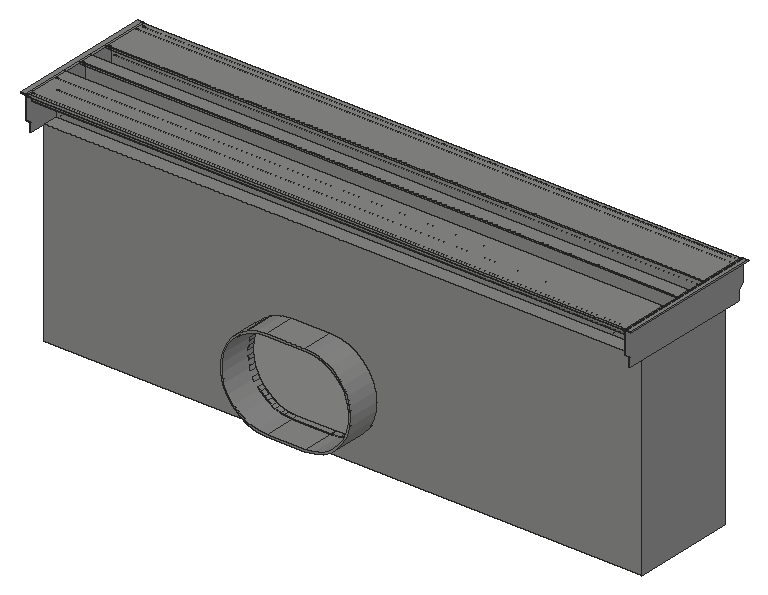
Revit family "Diffuser-Carnes-T_Bar_Mount-2-Slot-DTBA", category Duct Accessories, host Face, Revit 2014
Parameters (values of type "See Type Catalog")
  Supply Connector = yes
  Supply Connection = "Diffuser Supply Connector"  # constant formula
  Subcatagory = "Air Distribution"  # constant formula
  Specification Sheet = "http://www.carnes.com/AirDistribution/pdf/13100.pdf"
  Revit Object Download Link = "http://library.smartbim.com/download/Diffuser-Carnes-T_Bar_Mount-2-Slot-DTBA"
  Product Page URL = "http://www.carnes.com/AirDistribution/dtba.phtml"
  Length = 24"
  Inlet Nominal Size Width = 5"
  Inlet Nominal Size Height D = if(Inlet Nominal Size Width > 6", 5 1/4", 3 1/2")  # 3 1/2"
  Height = 9 1/16"  # constant formula
  Flow = 0 CFM
  Description = "Extruded Aluminum 2 Slot Diffuser T-Bar Mount"  # constant formula
  Profile Depth = 5.75918"
  URL = "http://www.carnes.com/"
  Model = "DTBA"  # constant formula
  Unit = Metal - Carnes - Steel Galvanized
  Manufacturer = "CARNES COMPANY"  # constant formula
  Depth = 2 3/4"
  Default Elevation = 0"
  D Depth = 4 1/16"
  Catalog = "http://www.carnes.com/AirDistribution/pdf/a462-465.pdf"
  Box Length = Length - 1/2"  # 23 1/2"
  B Radius = Inlet Width + 3"  # 9 1/2"
  Inlet Width = 6 1/2"
  Assembly Code = ""
  Inlet Offset = 10 1/2"
  95 CSI = ""
  04 CSI = ""
Reference planes (in)
  plane 1 "Center (Front/Back)": y = 0
  plane 2: z = 0
  plane 3 "Center (Left/Right)": x = 0.94
  plane 4: z = -1.25
  plane 5: y = 2.87959
  plane 6: y = -2.87959
  plane 7: z = 1.44451
  plane 8: x = -11.06
  plane 9: x = 12.94
  plane 10: z = -8.05549
  plane 11: z = -9.0625
Forms (in)
  Extrusion 1, void
    sketch origin (0.94, 0, 0) x (0, 1, 0) y (0, 0, 1)
      loop
        line (-2.87959, 1.44451) -> (-2.87959, -8.05549) -> (1.18291, -8.05549) -> (1.18291, 1.44451) -> (-2.87959, 1.44451)
    from -12 to 12
Dimensions and locks (in)
  locked: plane 2 to plane 4 at 1.25
  equal spacing: plane 6, plane 1 "Center (Front/Back)", plane 5
  "Profile Depth": plane 6 to plane 5
  locked: plane 7 to host face at 1.44451
  equal spacing: plane 8, plane 3 "Center (Left/Right)", plane 9
  "Length": plane 8 to plane 9
  "D Depth": Extrusion 1 sketch curve to Extrusion 1 sketch curve
  plane 2 to plane 10 = 8.05549"
  "Height": plane 2 to plane 11
  aligned and locked: plane 2 to host face
  aligned and locked: level to host face
  aligned and locked: Extrusion 1 to plane 7
  aligned and locked: Extrusion 1 to plane 10
  aligned and locked: plane 9 to Extrusion 1
  aligned and locked: plane 8 to Extrusion 1
  aligned and locked: plane 6 to Extrusion 1
  aligned and locked: nested 1 to plane 3 "Center (Left/Right)"
  aligned and locked: plane 1 "Center (Front/Back)" to nested 1
Automatic sketch dimensions
  host sketch curve to host sketch curve = 33"
  host sketch curve to host sketch curve = 14"
  Extrusion 1 sketch curve to plane 6 = 0"
  Extrusion 1 sketch curve to plane 10 = 0"
  plane 7 to Extrusion 1 sketch curve = 0"
Nested families (in)
  nested 1: "602-1011" at (1.84432, 0, 0.04219) x (-1, 0, 0) z (0, 0, -1), type "Slot 2"
  nested 2: "CXPC" at (1.88, 0.00043, 0.05188) x (-1, 0, 0) z (0, 0, -1), type "Parametric"
Connectors (in)
  hvac at (-0.31, -3.28082, -6.58911), driven by "Inlet Nominal Size Height D", driven by "Inlet Nominal Size Width", driven by "Supply Connector", driven by "Supply Connection"
    settings: on nested 2, index 1, duct flow 0 CFM, flow factor 0, pres drop 0.00 in-wg, loss coef 0, conn angle 0.00°, conn width 5", conn height 3 1/2", conn diameter 24", duct sys type 1, conn prof type 2, flow config 1, flow direction 1, loss method 0, conn ref index -1, conn util yes, is conn primary yes, conn desc "Diffuser Supply Connector"
Definition of nested family "602-1011"
  Parameters (values of type "Slot 2")
    Supply Connector = yes
    Supply Connection = ""
    Subcatagory = ""
    Specification Sheet = ""
    Product Page URL = ""
    Length = 24"
    URL = ""
    Model = "602-1091"  # constant formula
    Unit = Metal - Carnes - Steel Galvanized
    Manufacturer = ""
    Height = 1.44451"
    Flow = 0 CFM
    Description = ""
    Depth = 5.75918"
    Default Elevation = 0"
    Catalog = ""
    Assembly Code = ""
    95 CSI = ""
    04 CSI = ""
  Reference planes (in)
    plane 1 "Center (Front/Back)": y = 0
    plane 2: z = 0
    plane 3 "Center (Left/Right)": x = 0.90432
    plane 4: y = 2.87959
    plane 5: y = -2.87959
    plane 6: x = 12.90432
    plane 7: x = -11.09568
    plane 8: z = 1.44451
  Forms (in)
    Extrusion 1, solid
      sketch origin (0, 0, 0) x (1, 0, 0) y (0, 1, 0)
        loop
          line (-11.09568, 2.87959) -> (-11.09568, -2.87959) -> (12.90432, -2.87959) -> (12.90432, 2.87959) -> (-11.09568, 2.87959)
      from 0 to -1
  Dimensions and locks (in)
    equal spacing: plane 5, plane 1 "Center (Front/Back)", plane 4
    "Depth": plane 5 to plane 4
    equal spacing: plane 6, plane 3 "Center (Left/Right)", plane 7
    "Length": plane 6 to plane 7
    "Height": plane 8 to Extrusion 1
    aligned and locked: plane 2 to Extrusion 1
    aligned and locked: level to Extrusion 1
    aligned and locked: Extrusion 1 sketch curve to plane 5
  Automatic sketch dimensions
    Extrusion 1 sketch curve to Extrusion 1 sketch curve = 24"
    Extrusion 1 sketch curve to Extrusion 1 sketch curve = 5.75918"
  Nested families (in)
    nested 1: "602-10111" at (-0.03568, 0, -0.00488), type "Slot 1"
  Definition of nested family "602-10111"
    Parameters (values of type "Slot 1")
      Length = 24"
      URL = ""
      Model = "DARD"  # constant formula
      Unit = Metal - Carnes - Steel Galvanized
      Manufacturer = ""
      Height = 1.44451"
      Depth = 5.75918"
      Default Elevation = 0"
      Assembly Code = ""
      95 CSI = ""
      04 CSI = ""
    Reference planes (in)
      plane 1 "Center (Front/Back)": y = 0
      plane 2: z = 0
      plane 3 "Center (Left/Right)": x = 0.94
      plane 4: z = -18
      plane 5: z = 1.44451
      plane 6: x = -11.06
      plane 7: x = 12.94
      plane 8: y = 0
      plane 9: y = -2.87959
      plane 10: y = 2.87959
      plane 11: x = -10.81
      plane 12: x = 12.69
    Forms (in)
      Extrusion 1, solid
        sketch origin (0, -5, 0) x (1, 0, 0) y (0, 1, 0)
          loop
            line (-11.06, 7.87959) -> (-11.06, 2.12041) -> (12.94, 2.12041) -> (12.94, 7.87959) -> (-11.06, 7.87959)
        from 0 to -1
      Sweep 2, solid, material "Metal - Carnes - Steel Galvanized" <- "Unit"
        path origin (0, 0, 0) x (1, 0, 0) y (0, 0, -1)
          loop
            line (-10.81, -1.44451) -> (12.69, -1.44451)
        profile origin (0.94, 0, 1.44451) x (0, 0, -1) y (0, 1, 0)
          loop
            arc (1.35514, 2.84375) -> (1.33016, 2.81877) -> (1.35514, 2.79379) r 0.02498
            arc (1.35514, 2.79379) -> (1.37442, 2.78757) -> (1.38272, 2.76909) r 0.02492
            line (1.38272, 2.76909) -> (1.38308, 2.6587)
            arc (1.38308, 2.6587) -> (1.34926, 2.61295) -> (1.29572, 2.63221) r 0.04765
            arc (1.29572, 2.63221) -> (1.20991, 2.68522) -> (1.11386, 2.65444) r 0.12052
            arc (1.11386, 2.65444) -> (1.11176, 2.61347) -> (1.15269, 2.61071) r 0.02924
            arc (1.15269, 2.61071) -> (1.25478, 2.56432) -> (1.15338, 2.51642) r 0.0618
            arc (1.15338, 2.51642) -> (1.1144, 2.5135) -> (1.11617, 2.47444) r 0.02806
            arc (1.11617, 2.47444) -> (1.21184, 2.44322) -> (1.29693, 2.49697) r 0.11828
            arc (1.29693, 2.49697) -> (1.34972, 2.51686) -> (1.38368, 2.47181) r 0.04707
            line (1.38368, 2.47181) -> (1.38698, 1.4467)
            arc (1.38698, 1.4467) -> (1.38108, 1.43236) -> (1.36676, 1.42642) r 0.02022
            line (1.36676, 1.42642) -> (1.32521, 1.42642) -> (1.32521, 1.37588) -> (1.38743, 1.37588) -> (1.38743, 1.30748) -> (0.84122, 1.30748) -> (0.84122, 1.37297) -> (0.90321, 1.37297) -> (0.90321, 1.4045)
            arc (0.90321, 1.4045) -> (0.89724, 1.41889) -> (0.88285, 1.42486) r 0.02036
            line (0.88285, 1.42486) -> (0.81156, 1.42486)
            arc (0.81156, 1.42486) -> (0.79727, 1.41894) -> (0.79135, 1.40465) r 0.02021
            line (0.79135, 1.40465) -> (0.79135, 1.32589)
            arc (0.79135, 1.32589) -> (0.7854, 1.31149) -> (0.77102, 1.3055) r 0.02039
            line (0.77102, 1.3055) -> (0.02318, 1.3055)
            arc (0.02318, 1.3055) -> (0.00679, 1.29871) -> (0, 1.28232) r 0.02318
            line (0, 1.28232) -> (0, 1.14885)
            arc (0, 1.14885) -> (0.00581, 1.13484) -> (0.01984, 1.12908) r 0.01977
            line (0.01984, 1.12908) -> (0.11876, 1.12939)
            arc (0.11876, 1.12939) -> (0.13517, 1.13625) -> (0.14192, 1.15271) r 0.02324
            line (0.14192, 1.15271) -> (0.14175, 1.20547) -> (0.07975, 1.20547) -> (0.07958, 1.25739) -> (1.35759, 1.25739) -> (1.35774, 1.20939) -> (1.29574, 1.20919) -> (1.29592, 1.15437)
            arc (1.29592, 1.15437) -> (1.30215, 1.13943) -> (1.3171, 1.13325) r 0.02118
            line (1.3171, 1.13325) -> (1.36805, 1.13325)
            arc (1.36805, 1.13325) -> (1.38219, 1.12739) -> (1.38805, 1.11324) r 0.02001
            line (1.38805, 1.11324) -> (1.38805, 1.00164) -> (1.4375, 1.00164) -> (1.4375, 2.84383) -> (1.35514, 2.84375)
          loop
            line (1.35514, -2.84375) -> (1.4375, -2.84383) -> (1.4375, -1.00164) -> (1.38805, -1.00164) -> (1.38805, -1.11324)
            arc (1.38805, -1.11324) -> (1.38219, -1.12739) -> (1.36805, -1.13325) r 0.02001
            line (1.36805, -1.13325) -> (1.3171, -1.13325)
            arc (1.3171, -1.13325) -> (1.30215, -1.13943) -> (1.29592, -1.15437) r 0.02118
            line (1.29592, -1.15437) -> (1.29574, -1.20919) -> (1.35774, -1.20939) -> (1.35759, -1.25739) -> (0.07958, -1.25739) -> (0.07975, -1.20547) -> (0.14175, -1.20547) -> (0.14192, -1.15271)
            arc (0.14192, -1.15271) -> (0.13517, -1.13625) -> (0.11876, -1.12939) r 0.02324
            line (0.11876, -1.12939) -> (0.01984, -1.12908)
            arc (0.01984, -1.12908) -> (0.00581, -1.13484) -> (0, -1.14885) r 0.01977
            line (0, -1.14885) -> (0, -1.28232)
            arc (0, -1.28232) -> (0.00679, -1.29871) -> (0.02318, -1.3055) r 0.02318
            line (0.02318, -1.3055) -> (0.77102, -1.3055)
            arc (0.77102, -1.3055) -> (0.7854, -1.31149) -> (0.79135, -1.32589) r 0.02039
            line (0.79135, -1.32589) -> (0.79135, -1.40465)
            arc (0.79135, -1.40465) -> (0.79727, -1.41894) -> (0.81156, -1.42486) r 0.02021
            line (0.81156, -1.42486) -> (0.88285, -1.42486)
            arc (0.88285, -1.42486) -> (0.89724, -1.41889) -> (0.90321, -1.4045) r 0.02036
            line (0.90321, -1.4045) -> (0.90321, -1.37297) -> (0.84122, -1.37297) -> (0.84122, -1.30748) -> (1.38743, -1.30748) -> (1.38743, -1.37588) -> (1.32521, -1.37588) -> (1.32521, -1.42642) -> (1.36676, -1.42642)
            arc (1.36676, -1.42642) -> (1.38108, -1.43236) -> (1.38698, -1.4467) r 0.02022
            line (1.38698, -1.4467) -> (1.38368, -2.47181)
            arc (1.38368, -2.47181) -> (1.34972, -2.51686) -> (1.29693, -2.49697) r 0.04707
            arc (1.29693, -2.49697) -> (1.21184, -2.44322) -> (1.11617, -2.47444) r 0.11828
            arc (1.11617, -2.47444) -> (1.1144, -2.5135) -> (1.15338, -2.51642) r 0.02806
            arc (1.15338, -2.51642) -> (1.25478, -2.56432) -> (1.15269, -2.61071) r 0.0618
            arc (1.15269, -2.61071) -> (1.11176, -2.61347) -> (1.11386, -2.65444) r 0.02924
            arc (1.11386, -2.65444) -> (1.20991, -2.68522) -> (1.29572, -2.63221) r 0.12052
            arc (1.29572, -2.63221) -> (1.34926, -2.61295) -> (1.38308, -2.6587) r 0.04765
            line (1.38308, -2.6587) -> (1.38272, -2.76909)
            arc (1.38272, -2.76909) -> (1.37442, -2.78757) -> (1.35514, -2.79379) r 0.02492
            arc (1.35514, -2.79379) -> (1.33016, -2.81877) -> (1.35514, -2.84375) r 0.02498
          loop
            line (1.29574, 0.06109) -> (1.35774, 0.06089) -> (1.35759, 0.01289) -> (0.07958, 0.01289) -> (0.07975, 0.0648) -> (0.14175, 0.0648) -> (0.14192, 0.11757)
            arc (0.14192, 0.11757) -> (0.13517, 0.13402) -> (0.11876, 0.14088) r 0.02324
            line (0.11876, 0.14088) -> (0.01984, 0.1412)
            arc (0.01984, 0.1412) -> (0.00581, 0.13543) -> (0, 0.12142) r 0.01977
            line (0, 0.12142) -> (0, -0.13705)
            arc (0, -0.13705) -> (0.00581, -0.15105) -> (0.01984, -0.15682) r 0.01977
            line (0.01984, -0.15682) -> (0.11876, -0.1565)
            arc (0.11876, -0.1565) -> (0.13517, -0.14964) -> (0.14192, -0.13319) r 0.02324
            line (0.14192, -0.13319) -> (0.14175, -0.08043) -> (0.07975, -0.08043) -> (0.07958, -0.02851) -> (1.35759, -0.02851) -> (1.35774, -0.07651) -> (1.29574, -0.07671) -> (1.29592, -0.13153)
            arc (1.29592, -0.13153) -> (1.30215, -0.14647) -> (1.3171, -0.15265) r 0.02118
            line (1.3171, -0.15265) -> (1.36805, -0.15265)
            arc (1.36805, -0.15265) -> (1.38219, -0.15851) -> (1.38805, -0.17265) r 0.02001
            line (1.38805, -0.17265) -> (1.38805, -0.28426) -> (1.4375, -0.28426) -> (1.4375, 0.26863) -> (1.38805, 0.26863) -> (1.38805, 0.15703)
            arc (1.38805, 0.15703) -> (1.38219, 0.14288) -> (1.36805, 0.13702) r 0.02001
            line (1.36805, 0.13702) -> (1.3171, 0.13702)
            arc (1.3171, 0.13702) -> (1.30215, 0.13084) -> (1.29592, 0.11591) r 0.02118
            line (1.29592, 0.11591) -> (1.29574, 0.06109)
      Sweep 3, solid, material "Metal - Carnes - Steel Galvanized" <- "Unit"
        path origin (0.94, 0, 0) x (0, 1, 0) y (0, 0, 1)
          loop
            line (2.87959, 1.44451) -> (-2.87959, 1.44451)
        profile origin (0.94, 0, 1.44451) x (0, 0, -1) y (1, 0, 0)
          loop
            line (1.39281, -11.75) -> (0, -11.75) -> (0, -11.7859) -> (1.36636, -11.7859)
            arc (1.36636, -11.7859) -> (1.38834, -11.79501) -> (1.39745, -11.81699) r 0.03109
            line (1.39745, -11.81699) -> (1.39745, -12) -> (1.4375, -12) -> (1.4375, -11.79469)
            arc (1.4375, -11.79469) -> (1.42441, -11.76309) -> (1.39281, -11.75) r 0.04469
          loop
            arc (1.39281, 11.75) -> (1.42441, 11.76309) -> (1.4375, 11.79469) r 0.04469
            line (1.4375, 11.79469) -> (1.4375, 12) -> (1.39745, 12) -> (1.39745, 11.81699)
            arc (1.39745, 11.81699) -> (1.38834, 11.79501) -> (1.36636, 11.7859) r 0.03109
            line (1.36636, 11.7859) -> (0, 11.7859) -> (0, 11.75) -> (1.39281, 11.75)
      Extrusion 4, void
        sketch origin (0.94, 0, 0) x (0, 1, 0) y (0, 0, 1)
          loop
            line (2.67418, 1.39714) -> (2.67502, 1.13557)
            arc (2.67502, 1.13557) -> (2.68068, 1.10757) -> (2.69663, 1.08387) r 0.07321
            line (2.69663, 1.08387) -> (2.87959, 0.90209) -> (2.87959, 1.44451) -> (2.62666, 1.44451)
            arc (2.62666, 1.44451) -> (2.66021, 1.43064) -> (2.67418, 1.39714) r 0.04752
          loop
            arc (-2.67418, 1.39714) -> (-2.66021, 1.43064) -> (-2.62666, 1.44451) r 0.04752
            line (-2.62666, 1.44451) -> (-2.87959, 1.44451) -> (-2.87959, 0.90209) -> (-2.69663, 1.08387)
            arc (-2.69663, 1.08387) -> (-2.68068, 1.10757) -> (-2.67502, 1.13557) r 0.07321
            line (-2.67502, 1.13557) -> (-2.67418, 1.39714)
        from -12 to 12
    Cuts and joins
      Extrusion 4 cuts Sweep 3
    Lines and regions (in)
      Masking region 1
        outline origin (0, 0, 0) x (1, 0, 0) y (0, 1, 0)
          loop
            line (-11.06, -2.87959) -> (12.94, -2.87959) -> (12.94, 2.87959) -> (-11.06, 2.87959) -> (-11.06, -2.87959)
      symbolic lines, style "Diffuser"
        curve 1: line (-10.81, 1.00164, 0) -> (12.69, 1.00164, 0)
        curve 2: line (12.69, 0.27426, 0) -> (-10.81, 0.27426, 0)
        curve 3: line (-10.81, -0.28774, 0) -> (12.69, -0.28774, 0)
        curve 4: line (12.69, -1.00343, 0) -> (-10.81, -1.00343, 0)
        curve 5: line (-10.81, -2.87959, 0) -> (-10.81, 2.87959, 0)
        curve 6: line (12.69, -2.87959, 0) -> (12.69, 2.87959, 0)
    Dimensions and locks (in)
      locked: plane 2 to plane 4 at 18
      locked: plane 7 to plane 12 at 0.25
      locked: plane 6 to plane 11 at 0.25
      "Height": plane 5 to Extrusion 1
      "Length": plane 6 to plane 7
      equal spacing: plane 9, plane 8, plane 10
      "Depth": plane 9 to plane 10
      equal spacing: plane 6, plane 3 "Center (Left/Right)", plane 7
      aligned and locked: plane 2 to Extrusion 1
      aligned and locked: level to Extrusion 1
      aligned and locked: plane 11 to Sweep 2 sketch curve
      aligned and locked: plane 12 to Sweep 2 sketch curve
      aligned and locked: Sweep 3 sketch curve to plane 11
      aligned and locked: plane 7 to Extrusion 4
      aligned and locked: plane 6 to Extrusion 4
      aligned and locked: plane 12 to Sweep 3 sketch curve
    Automatic sketch dimensions
      Extrusion 1 sketch curve to Extrusion 1 sketch curve = 24"
      Extrusion 1 sketch curve to Extrusion 1 sketch curve = 5.75918"
      Sweep 2 sketch curve to plane 5 = 0"
      Sweep 3 sketch curve to plane 5 = 0"
      Sweep 3 sketch curve to plane 9 = 0"
      Sweep 3 sketch curve to plane 10 = 0"
      Sweep 3 sketch curve to profile plane = 0"  (x2)
      Sweep 3 sketch curve to profile plane = 1.36636"
      Sweep 3 sketch curve to Sweep 3 sketch curve = 1.36636"
      Sweep 3 sketch curve to Sweep 3 sketch curve = 0.02645"  (x2)
      Sweep 3 sketch curve to Sweep 3 sketch curve = 0.03109"  (x2)
      Sweep 3 sketch curve to Sweep 3 sketch curve = 0.04005"  (x2)
      Sweep 3 sketch curve to Sweep 3 sketch curve = 0.0223"
      Sweep 3 sketch curve to Sweep 3 sketch curve = 0.18301"  (x2)
      Sweep 3 sketch curve to Sweep 3 sketch curve = 0.0359"
      Extrusion 4 sketch curve to plane 5 = 0"  (x2)
      Extrusion 4 sketch curve to plane 9 = 0"
      Extrusion 4 sketch curve to plane 10 = 0"
      plane 9 to Extrusion 4 sketch curve = 0.13136"
      Extrusion 4 sketch curve to Extrusion 4 sketch curve = 0.0516"
      Extrusion 4 sketch curve to Extrusion 4 sketch curve = 0.02161"  (x2)
      Extrusion 4 sketch curve to plane 5 = 0.04737"  (x2)
      plane 9 to Extrusion 4 sketch curve = 0.20541"
      Extrusion 4 sketch curve to Extrusion 4 sketch curve = 0.04752"
      Extrusion 4 sketch curve to plane 5 = 0.04752"
      plane 10 to Extrusion 4 sketch curve = 0.25293"
      plane 10 to Extrusion 4 sketch curve = 0.20457"
      Extrusion 4 sketch curve to Extrusion 4 sketch curve = 0.07321"
      Extrusion 4 sketch curve to Extrusion 4 sketch curve = 0.26133"  (x2)
      Extrusion 4 sketch curve to Extrusion 4 sketch curve = 0.00024"  (x2)
      Extrusion 4 sketch curve to Extrusion 4 sketch curve = 0.18178"  (x2)
      Sweep 2 sketch curve to profile plane = 0"  (x3)
      Sweep 2 sketch curve to profile plane = 0.01977"  (x4)
      Sweep 2 sketch curve to Sweep 2 sketch curve = 0.00006"  (x4)
      Sweep 2 sketch curve to profile plane = 0.02318"  (x2)
      Sweep 2 sketch curve to profile plane = 0.02851"
      Sweep 2 sketch curve to profile plane = 0.07958"
      Sweep 2 sketch curve to Sweep 2 sketch curve = 0.05641"  (x2)
      profile plane to Sweep 2 sketch curve = 0.01289"
      Sweep 2 sketch curve to Sweep 2 sketch curve = 0"  (x10)
      Sweep 2 sketch curve to Sweep 2 sketch curve = 0.00017"  (x4)
      Sweep 2 sketch curve to Sweep 2 sketch curve = 0.03893"  (x4)
      Sweep 2 sketch curve to Sweep 2 sketch curve = 0.00007"  (x10)
      Sweep 2 sketch curve to Sweep 2 sketch curve = 0.02307"  (x4)
      Sweep 2 sketch curve to Sweep 2 sketch curve = 0.02324"  (x6)
      Sweep 2 sketch curve to Sweep 2 sketch curve = 0.62921"  (x2)
      Sweep 2 sketch curve to Sweep 2 sketch curve = 0.02039"  (x2)
      Sweep 2 sketch curve to Sweep 2 sketch curve = 0.02021"  (x2)
      Sweep 2 sketch curve to Sweep 2 sketch curve = 0.02966"  (x2)
      Sweep 2 sketch curve to Sweep 2 sketch curve = 0.04163"  (x2)
      Sweep 2 sketch curve to Sweep 2 sketch curve = 0.02036"  (x2)
      Sweep 2 sketch curve to profile plane = 1.13362"  (x2)
      Sweep 2 sketch curve to Sweep 2 sketch curve = 0.00178"  (x2)
      Sweep 2 sketch curve to Sweep 2 sketch curve = 0.05759"  (x2)
      Sweep 2 sketch curve to Sweep 2 sketch curve = 0.00231"  (x2)
      Sweep 2 sketch curve to Sweep 2 sketch curve = 0.00423"  (x2)
      Sweep 2 sketch curve to Sweep 2 sketch curve = 0.39254"  (x2)
      profile plane to Sweep 2 sketch curve = 0.06109"
      Sweep 2 sketch curve to profile plane = 0.07671"
      Sweep 2 sketch curve to Sweep 2 sketch curve = 0.00018"  (x4)
      Sweep 2 sketch curve to profile plane = 0.13153"
      profile plane to Sweep 2 sketch curve = 0.11591"
      Sweep 2 sketch curve to Sweep 2 sketch curve = 0.02118"  (x4)
      Sweep 2 sketch curve to Sweep 2 sketch curve = 0.02946"  (x2)
      Sweep 2 sketch curve to Sweep 2 sketch curve = 0.14014"  (x2)
      Sweep 2 sketch curve to Sweep 2 sketch curve = 0.1394"  (x2)
      Sweep 2 sketch curve to Sweep 2 sketch curve = 0.01971"  (x2)
      Sweep 2 sketch curve to Sweep 2 sketch curve = 0.06185"  (x3)
      profile plane to Sweep 2 sketch curve = 1.20939"
      Sweep 2 sketch curve to Sweep 2 sketch curve = 0.00015"  (x6)
      Sweep 2 sketch curve to profile plane = 1.20939"
      Sweep 2 sketch curve to Sweep 2 sketch curve = 0.00266"  (x2)
      Sweep 2 sketch curve to Sweep 2 sketch curve = 0.04155"  (x2)
      Sweep 2 sketch curve to Sweep 2 sketch curve = 0.05094"  (x3)
      Sweep 2 sketch curve to Sweep 2 sketch curve = 0.02492"  (x2)
      Sweep 2 sketch curve to Sweep 2 sketch curve = 0.04765"  (x2)
      Sweep 2 sketch curve to Sweep 2 sketch curve = 0.04707"  (x2)
      Sweep 2 sketch curve to Sweep 2 sketch curve = 0.02022"  (x4)
      Sweep 2 sketch curve to Sweep 2 sketch curve = 0.02984"
      Sweep 2 sketch curve to Sweep 2 sketch curve = 0.02067"
      Sweep 2 sketch curve to Sweep 2 sketch curve = 0.02001"  (x4)
      Sweep 2 sketch curve to Sweep 2 sketch curve = 0.08236"  (x2)
      Sweep 2 sketch curve to Sweep 2 sketch curve = 0.048"
      Sweep 2 sketch curve to Sweep 2 sketch curve = 0.02493"  (x2)
      Sweep 2 sketch curve to Sweep 2 sketch curve = 0.0501"  (x2)
      Sweep 2 sketch curve to Sweep 2 sketch curve = 0.06549"  (x2)
      Sweep 2 sketch curve to Sweep 2 sketch curve = 0.06839"  (x2)
      Sweep 2 sketch curve to Sweep 2 sketch curve = 0.03153"  (x2)
      Sweep 2 sketch curve to Sweep 2 sketch curve = 0.05054"  (x2)
      Sweep 2 sketch curve to Sweep 2 sketch curve = 1.02502"  (x2)
      Sweep 2 sketch curve to Sweep 2 sketch curve = 0.02322"  (x2)
      Sweep 2 sketch curve to Sweep 2 sketch curve = 0.06571"  (x2)
      Sweep 2 sketch curve to Sweep 2 sketch curve = 0.00327"  (x2)
      Sweep 2 sketch curve to Sweep 2 sketch curve = 0.00173"  (x2)
      Sweep 2 sketch curve to Sweep 2 sketch curve = 0.06902"  (x2)
      Sweep 2 sketch curve to Sweep 2 sketch curve = 0.16158"  (x2)
      Sweep 2 sketch curve to Sweep 2 sketch curve = 0.11046"  (x2)
      Sweep 2 sketch curve to Sweep 2 sketch curve = 0.00008"  (x4)
      Sweep 2 sketch curve to Sweep 2 sketch curve = 0.02498"  (x2)
      Sweep 2 sketch curve to Sweep 2 sketch curve = 0.05192"  (x3)
      Sweep 2 sketch curve to Sweep 2 sketch curve = 0.05276"  (x2)
      Sweep 2 sketch curve to Sweep 2 sketch curve = 0.05662"  (x2)
      Sweep 2 sketch curve to Sweep 2 sketch curve = 0.1116"  (x2)
      Sweep 2 sketch curve to Sweep 2 sketch curve = 0.15272"
      Sweep 2 sketch curve to Sweep 2 sketch curve = 0.09614"  (x2)
      Sweep 2 sketch curve to Sweep 2 sketch curve = 0.12831"
      Sweep 2 sketch curve to Sweep 2 sketch curve = 0.00032"  (x2)
      profile plane to Sweep 2 sketch curve = 0.0648"
      Sweep 2 sketch curve to Sweep 2 sketch curve = 0.20774"
      Sweep 2 sketch curve to Sweep 2 sketch curve = 0.98788"
      Sweep 2 sketch curve to Sweep 2 sketch curve = 0.02111"
      Sweep 2 sketch curve to Sweep 2 sketch curve = 0.01976"  (x2)
      Sweep 2 sketch curve to Sweep 2 sketch curve = 0.01923"  (x2)
      Sweep 2 sketch curve to Sweep 2 sketch curve = 0.04945"  (x2)
      Masking region 1 sketch curve to plane 6 = 0"
      Masking region 1 sketch curve to plane 7 = 0"
      Masking region 1 sketch curve to plane 9 = 0"
      plane 10 to Masking region 1 sketch curve = 0"
      curve 4 to plane 11 = 0"
      curve 4 to plane 12 = 0"
      curve 5 to plane 9 = 0"
      curve 6 to plane 9 = 0"
      plane 10 to curve 6 = 0"
      plane 10 to curve 5 = 0"
      plane 1 "Center (Front/Back)" to curve 4 = 1.00343"
      plane 1 "Center (Front/Back)" to curve 3 = 0.28774"
      curve 2 to plane 1 "Center (Front/Back)" = 0.27426"
      curve 2 to curve 1 = 0.72738"
Definition of nested family "CXPC"
  Parameters (values of type "Parametric")
    Slot Width = 2 55/64"
    Inlet Nominal Size Width = 5"
    Inlet Nominal Size Height D = if(Inlet Nominal Size Width > 6", 5 1/4", 3 1/2")  # 3 1/2"
    Half Inlet Width = Inlet Nominal Size Width / 2  # 2 1/2"
    Length = 23 1/2"
    Depth = 4 1/16"
    Height = 9 1/16"  # constant formula
    URL = "http://www.carnes.com/"
    Model = "DGAA"  # constant formula
    Unit = Metal - Carnes - Steel Galvanized
    Manufacturer = ""
    Default Elevation = 0"
    B Radius = B + 3"  # 9 1/2"
    B = 6 1/2"
    Assembly Code = ""
    A = 10 1/2"
    95 CSI = ""
    04 CSI = ""
  Reference planes (in)
    plane 1 "Center (Front/Back)": y = 0
    plane 2: z = 0
    plane 3 "Center (Left/Right)": x = 0.94
    plane 4: x = -10.81
    plane 5: x = 12.69
    plane 6: z = 9.0625
    plane 7: z = 8.5625
    plane 8: z = 6.5
    plane 9: x = -10.7475
    plane 10: x = 12.6275
    plane 11: z = -18
    plane 12: y = 2.03125
    plane 13: y = 1.78125
    plane 14: y = -2.03125
    plane 15: y = -1.78125
    plane 16: y = -3.28125
    plane 17: x = 2.19
    plane 18: z = 0.84375
    plane 19: y = -1.42969
    plane 20: y = 1.42969
    plane 21: z = 8.39099
    plane 22: z = 4.89099
  Forms (in)
    Extrusion 1, solid
      sketch origin (0, 0, 0) x (1, 0, 0) y (0, 1, 0)
        loop
          line (-14.89333, 6) -> (-14.89333, -6) -> (19.27333, -6) -> (19.27333, 6) -> (-14.89333, 6)
      from 0 to -1
    Extrusion 2, solid, material "Metal - Carnes - Steel Galvanized" <- "Unit"
      sketch origin (0, 0, 0) x (1, 0, 0) y (0, 0, 1)
        loop
          line (-10.81, 9.0625) -> (-10.81, 8.5625) -> (12.69, 8.5625) -> (12.69, 9.0625) -> (-10.81, 9.0625)
      from -1.78125 to 1.78125
    Extrusion 3, solid, material "Metal - Carnes - Steel Galvanized" <- "Unit"
      sketch origin (0, 0, 0) x (1, 0, 0) y (0, 1, 0)
        loop
          line (-10.81, 2.03125) -> (-10.81, 1.78125) -> (12.69, 1.78125) -> (12.69, 2.03125) -> (-10.81, 2.03125)
        loop
          line (-10.81, -1.78125) -> (-10.81, -2.03125) -> (12.69, -2.03125) -> (12.69, -1.78125) -> (-10.81, -1.78125)
      from 1.4375 to 9.0625
    Sweep 4, solid, material "Metal - Carnes - Steel Galvanized" <- "Unit"
      path in 3D
        loop
          line (-10.81, -1.78125, 1.4375) -> (12.69, -1.78125, 1.4375)
      profile origin (0.94, -1.78125, 1.4375) x (0, -1, 0) y (0, 0, -1)
        loop
          line (-3.21094, 0) -> (-3.21094, 0.89784)
          arc (-3.21094, 0.89784) -> (-3.18023, 0.92855) -> (-3.14952, 0.89784) r 0.03071
          line (-3.14952, 0.89784) -> (-3.14952, 0.83461) -> (-3.11827, 0.83461) -> (-3.11827, 0.89765)
          arc (-3.11827, 0.89765) -> (-3.18024, 0.95963) -> (-3.24222, 0.89765) r 0.06198
          line (-3.24222, 0.89765) -> (-3.24222, 0.03125) -> (-3.8125, 0.03125) -> (-3.8125, 0) -> (-3.21094, 0)
        loop
          line (-0.35156, 0) -> (0.25, 0) -> (0.25, 0.03125) -> (-0.32028, 0.03125) -> (-0.32028, 0.89765)
          arc (-0.32028, 0.89765) -> (-0.38226, 0.95963) -> (-0.44423, 0.89765) r 0.06198
          line (-0.44423, 0.89765) -> (-0.44423, 0.83461) -> (-0.41298, 0.83461) -> (-0.41298, 0.89784)
          arc (-0.41298, 0.89784) -> (-0.38227, 0.92855) -> (-0.35156, 0.89784) r 0.03071
          line (-0.35156, 0.89784) -> (-0.35156, 0)
    Extrusion 5, solid, material "Metal - Carnes - Steel Galvanized" <- "Unit"
      sketch origin (12.69, 0, 9.0625) x (0, 0, -1) y (0, 1, 0)
        loop
          line (0, -2.03125) -> (7.625, -2.03125) -> (7.625, 2.03125) -> (0, 2.03125) -> (0, -2.03125)
      from -0.0625 to 0
    Extrusion 6, solid, material "Metal - Carnes - Steel Galvanized" <- "Unit"
      sketch origin (-10.81, 0, 9.0625) x (0, 0, -1) y (0, -1, 0)
        loop
          line (0, 2.03125) -> (0, -2.03125) -> (7.625, -2.03125) -> (7.625, 2.03125) -> (0, 2.03125)
      from -0.0625 to 0
    Extrusion 7, void
      sketch origin (0, 0, 0) x (1, 0, 0) y (0, 0, 1)
        loop
          arc (1.44, 8.39099) -> (-0.31, 6.64099) -> (1.44, 4.89099) r 1.75
          line (1.44, 4.89099) -> (2.94, 4.89099)
          arc (2.94, 4.89099) -> (4.69, 6.64099) -> (2.94, 8.39099) r 1.75
          line (2.94, 8.39099) -> (1.44, 8.39099)
      from 2.03125 to 1.34378
    Extrusion 8, solid, material "Metal - Carnes - Steel Galvanized" <- "Unit"
      sketch origin (-11.06, -0.875, 0) x (1, 0, 0) y (0, 0, 1)
        loop
          arc (12.5, 8.39099) -> (10.75, 6.64099) -> (12.5, 4.89099) r 1.75
          line (12.5, 4.89099) -> (14, 4.89099)
          arc (14, 4.89099) -> (15.75, 6.64099) -> (14, 8.39099) r 1.75
          line (14, 8.39099) -> (12.5, 8.39099)
        loop
          arc (12.5, 8.45349) -> (10.6875, 6.64099) -> (12.5, 4.82849) r 1.8125
          line (12.5, 4.82849) -> (14, 4.82849)
          arc (14, 4.82849) -> (15.8125, 6.64099) -> (14, 8.45349) r 1.8125
          line (14, 8.45349) -> (12.5, 8.45349)
      from 0.90625 to 2.40625
  Cuts and joins
    Extrusion 7 cuts Extrusion 2
    Extrusion 7 cuts Extrusion 3
    Extrusion 7 cuts Sweep 4
    Extrusion 7 cuts Extrusion 5
    Extrusion 7 cuts Extrusion 6
    joined: Extrusion 2, Extrusion 3, Sweep 4, Extrusion 5, Extrusion 6
  Lines and regions (in)
    sketch lines
      curve 1: line (-10.81, -1.78125, 1.4375) -> (12.69, -1.78125, 1.4375)
    symbolic lines, style "Diffuser"
      curve 2: line (-4.04438, -2.03125, 0) -> (-4.88812, -2.03125, 0)
  Dimensions and locks (in)
    equal spacing: plane 4, plane 3 "Center (Left/Right)", plane 5
    "Length": plane 4 to plane 5
    "Height": plane 6 to plane 2
    locked: plane 6 to plane 7 at 0.5
    level to plane 11 = 18"
    plane 6 to Extrusion 1 = 9 1/16"
    plane 8 to Extrusion 1 = 6 1/2"
    locked: plane 16 to plane 14 at 1.25
    "Depth": plane 12 to plane 14
    locked: plane 15 to plane 14 at 0.25
    locked: plane 12 to plane 13 at 0.25
    equal spacing: plane 12, plane 1 "Center (Front/Back)", plane 14
    locked: plane 10 to plane 5 at 0.0625
    locked: plane 9 to plane 4 at 0.0625
    "B": plane 8 to plane 2
    "A": plane 17 to plane 5
    locked: plane 18 to plane 2 at 0.84375
    Sweep 4 sketch curve to plane 18 to Sweep 4 sketch curve to Sweep 4 sketch curve to Sweep 4 sketch curve = 9/16" locked, 0.24086" locked, 0.09394" locked, 0.03107" locked  (x2)
    Sweep 4 sketch curve to Sweep 4 sketch curve to plane 19 to Sweep 4 sketch curve = 1/32" locked, 0.06142" locked, 0.03128" locked
    Sweep 4 sketch curve to plane 20 to Sweep 4 sketch curve to Sweep 4 sketch curve = 0.03128" locked, 0.06142" locked, 1/32" locked
    equal spacing: plane 20, plane 1 "Center (Front/Back)", plane 19
    "Slot Width": plane 20 to plane 19
    "Half Inlet Width": plane 17 to Extrusion 8 sketch curve
    "Half Inlet Width": Extrusion 8 sketch curve to plane 17
    "Inlet Nominal Size Height D": plane 21 to plane 22
    equal spacing: Extrusion 1 sketch curve, plane 1 "Center (Front/Back)", Extrusion 1 sketch curve
    equal spacing: Extrusion 1 sketch curve, plane 17, Extrusion 1 sketch curve
    aligned and locked: plane 2 to Extrusion 1
    aligned and locked: level to Extrusion 1
    aligned and locked: Extrusion 2 sketch curve to plane 6
    aligned and locked: Extrusion 2 sketch curve to plane 7
    aligned and locked: Extrusion 2 sketch curve to plane 4
    aligned and locked: plane 5 to Extrusion 2 sketch curve
    aligned and locked: Extrusion 3 sketch curve to plane 12
    aligned and locked: Extrusion 3 sketch curve to plane 13
    aligned and locked: plane 15 to Extrusion 3 sketch curve
    aligned and locked: plane 14 to Extrusion 3 sketch curve
    aligned and locked: Extrusion 3 sketch curve to plane 4
    aligned and locked: plane 5 to Extrusion 3 sketch curve
    aligned and locked: plane 6 to Extrusion 3
    aligned and locked: Extrusion 2 to Extrusion 3  (x2)
    aligned and locked: plane 10 to Extrusion 5
    aligned and locked: Extrusion 5 to plane 5
    aligned and locked: Extrusion 6 sketch curve to cut or joined group of Extrusion 2, Extrusion 3, Sweep 4, Extrusion 5, Extrusion 6, Extrusion 7  (x2)
    aligned and locked: cut or joined group of Extrusion 2, Extrusion 3, Sweep 4, Extrusion 5, Extrusion 6, Extrusion 7 to Extrusion 6 sketch curve
    aligned and locked: plane 9 to Extrusion 6
    aligned and locked: Extrusion 6 to plane 4
    aligned and locked: plane 5 to cut or joined group of Extrusion 2, Extrusion 3, Sweep 4, Extrusion 5, Extrusion 6, Extrusion 7
    aligned and locked: Extrusion 7 to plane 14
    aligned and locked: Extrusion 6 to Extrusion 3
    aligned and locked: cut or joined group of Extrusion 2, Extrusion 3, Sweep 4, Extrusion 5, Extrusion 6, Extrusion 7 to cut or joined group of Extrusion 2, Extrusion 3, Sweep 4, Extrusion 5, Extrusion 6, Extrusion 7
    aligned and locked: plane 12 to Sweep 4 sketch curve
    aligned and locked: Sweep 4 sketch curve to plane 14
    aligned and locked: plane 19 to Sweep 4 sketch curve
    aligned and locked: Sweep 4 sketch curve to plane 20
    aligned and locked: Extrusion 8 to plane 16
    aligned and locked: cut or joined group of Extrusion 2, Extrusion 3, Sweep 4, Extrusion 5, Extrusion 6, Extrusion 7 to Extrusion 8
    aligned and locked: Extrusion 7 sketch curve to Extrusion 8  (x2)
    aligned and locked: Extrusion 8 sketch curve to plane 21
    aligned and locked: plane 22 to Extrusion 8 sketch curve
  Automatic sketch dimensions
    plane 14 to curve 2 = 0"
    Extrusion 3 sketch curve to plane 4 = 0"
    Extrusion 3 sketch curve to plane 5 = 0"
    Extrusion 2 to Extrusion 5 sketch curve = 0"
    Extrusion 5 sketch curve to Extrusion 2 = 1/4"  (x2)
    Extrusion 5 sketch curve to Extrusion 2 = 7 1/8"
    Extrusion 2 to Extrusion 6 sketch curve = 7 1/8"
    curve 2 to plane 3 "Center (Left/Right)" = 5 53/64"
    curve 2 to curve 2 = 27/32"
    profile plane to Sweep 4 sketch curve = 0"  (x2)
    Extrusion 8 sketch curve to Extrusion 8 sketch curve = 0"  (x3)
    Extrusion 8 sketch curve to Extrusion 8 sketch curve = 1/16"
Types in the file's own list only (36): name | Length | Inlet Nominal Size Width | Inlet Nominal Size Height D | Profile Depth | Box Length | Inlet Offset
  DTBA 24 x 5In | 24" | 5" | 3 1/2" | 5 97/128" | 23 1/2" | 10 1/2"
  DTBA 24 x 6IN | 24" | 6" | 3 1/2" | 5 97/128" | 23 1/2" | 10 1/2"
  DTBA 24 x 7IN | 24" | 7" | 5 1/4" | 5 97/128" | 23 1/2" | 10 1/2"
  DTBA 24 x 8IN | 24" | 8" | 5 1/4" | 5 97/128" | 23 1/2" | 10 1/2"
  DTBA 24 x 10IN | 24" | 10" | 5 1/4" | 5 97/128" | 23 1/2" | 10 1/2"
  DTBA 24 x 12IN | 24" | 12" | 5 1/4" | 5 97/128" | 23 1/2" | 10 1/2"
  DTBA 30 x 5In | 30" | 5" | 3 1/2" | 5 97/128" | 29 1/2" | 14 1/2"
  DTBA 30 x 6IN | 30" | 6" | 3 1/2" | 5 97/128" | 29 1/2" | 14 1/2"
  DTBA 30 x 7IN | 30" | 7" | 5 1/4" | 5 97/128" | 29 1/2" | 14 1/2"
  DTBA 30 x 8IN | 30" | 8" | 5 1/4" | 5 97/128" | 29 1/2" | 14 1/2"
  DTBA 30 x 10IN | 30" | 10" | 5 1/4" | 5 97/128" | 29 1/2" | 14 1/2"
  DTBA 30 x 12IN | 30" | 12" | 5 1/4" | 5 97/128" | 29 1/2" | 14 1/2"
  DTBA 36 x 5In | 36" | 5" | 3 1/2" | 5 97/128" | 35 1/2" | 17 1/2"
  DTBA 36 x 6IN | 36" | 6" | 3 1/2" | 5 97/128" | 35 1/2" | 17 1/2"
  DTBA 36 x 7IN | 36" | 7" | 5 1/4" | 5 97/128" | 35 1/2" | 17 1/2"
  DTBA 36 x 8IN | 36" | 8" | 5 1/4" | 5 97/128" | 35 1/2" | 17 1/2"
  DTBA 36 x 10IN | 36" | 10" | 5 1/4" | 5 97/128" | 35 1/2" | 17 1/2"
  DTBA 36 x 12IN | 36" | 12" | 5 1/4" | 5 97/128" | 35 1/2" | 17 1/2"
  DTBA 48 x 5In | 48" | 5" | 3 1/2" | 5 97/128" | 47 1/2" | 23 1/2"
  DTBA 48 x 6IN | 48" | 6" | 3 1/2" | 5 97/128" | 47 1/2" | 23 1/2"
  DTBA 48 x 7IN | 48" | 7" | 5 1/4" | 5 97/128" | 47 1/2" | 23 1/2"
  DTBA 48 x 8IN | 48" | 8" | 5 1/4" | 5 97/128" | 47 1/2" | 23 1/2"
  DTBA 48 x 10IN | 48" | 10" | 5 1/4" | 5 97/128" | 47 1/2" | 23 1/2"
  DTBA 48 x 12IN | 48" | 12" | 5 1/4" | 5 97/128" | 47 1/2" | 23 1/2"
  DTBA 60 x 5In | 60" | 5" | 3 1/2" | 5 97/128" | 59 1/2" | 29 1/2"
  DTBA 60 x 6IN | 60" | 6" | 3 1/2" | 5 97/128" | 59 1/2" | 29 1/2"
  DTBA 60 x 7IN | 60" | 7" | 5 1/4" | 5 97/128" | 59 1/2" | 29 1/2"
  DTBA 60 x 8IN | 60" | 8" | 5 1/4" | 5 97/128" | 59 1/2" | 29 1/2"
  DTBA 60 x 10IN | 60" | 10" | 5 1/4" | 5 97/128" | 59 1/2" | 29 1/2"
  DTBA 60 x 12IN | 60" | 12" | 5 1/4" | 5 97/128" | 59 1/2" | 29 1/2"
  DTBA 72 x 5In | 72" | 5" | 3 1/2" | 5 97/128" | 71 1/2" | 35 1/2"
  DTBA 72 x 6IN | 72" | 6" | 3 1/2" | 5 97/128" | 71 1/2" | 35 1/2"
  DTBA 72 x 7IN | 72" | 7" | 5 1/4" | 5 97/128" | 71 1/2" | 35 1/2"
  DTBA 72 x 8IN | 72" | 8" | 5 1/4" | 5 97/128" | 71 1/2" | 35 1/2"
  DTBA 72 x 10IN | 72" | 10" | 5 1/4" | 5 97/128" | 71 1/2" | 35 1/2"
  DTBA 72 x 12IN | 72" | 12" | 5 1/4" | 5 97/128" | 71 1/2" | 35 1/2"
